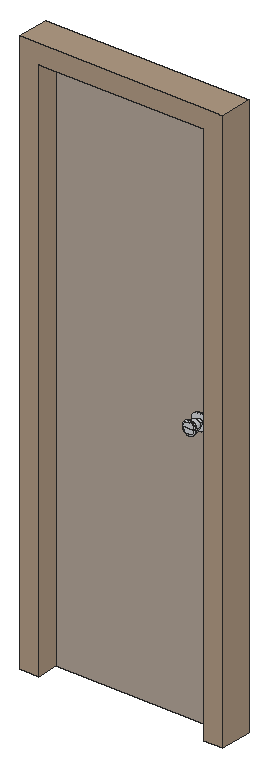
Revit family "D9_木門1", category 門, Revit 2014
Parameters (values of type "75 x 210 cm 2")
  熱阻 (R) = 0.270117 (m²·K)/W
  Visual Light Transmittance = 0
  Solar Heat Gain Coefficient = 0
  營造類型 Id = "MDOOR"
  關鍵註記 = "單開門-矩形"
  傳熱係數 (U) = 3.7021 W/(m²·K)
  功能 = 室內
  門扇材料 = none
  門扇寬度 = Width - 2 * 開門側框寬度  # 650 mm
  門扇厚度 = 40 mm
  Assembly Code = ""
  Rough Height = Height  # 2100 mm
  Rough Width = Width  # 750 mm
  框架深度 = 120 mm
  框擋板寬度 = 門扇厚度 / 2  # 20 mm
  框總寬度 [instance] = 開門側框寬度 + 框擋板寬度  # 70 mm
  Height = 2100 mm
  牆封閉 = 依主體
  框架材料 = none
  開門側框寬度 = 50 mm
  握把五金 = none
  Width = 750 mm
  操作 = "左單開門方向"
  解析營造 = "金屬"
Reference planes
  plane 1: y = -210
  plane 2 "中心 (左/右)": x = 0
  plane 3 "左": x = -375
  plane 4 "右": x = 375
  plane 5: z = 2100
  plane 6 "外部": y = -135
  plane 7 "內部": y = -285
  plane 8: y = 320
  plane 9: y = -740
  plane 10: z = 1050
Forms (mm)
  Sweep 1, solid, material "橡木、紅色"
    path origin (-5000, -210, 0) x (-1, 0, 0) y (0, 0, 1)
      loop
        line (-5375, 0) -> (-5375, 2100) -> (-4625, 2100) -> (-4625, 0)
    profile origin (375, -210, 1050) x (1, 0, 0) y (0, 1, 0)
      loop
        line (0, 60) -> (-50, 60) -> (-50, 20) -> (-70, 20) -> (-70, -60) -> (0, -60) -> (0, 60)
  Extrusion 2, solid, material "橡木、白色"
    sketch origin (-5000, -210, 0) x (1, 0, 0) y (0, 0, 1)
      loop
        line (4675, 2050) -> (4675, 0) -> (5325, 0) -> (5325, 2050) -> (4675, 2050)
    from -60 to -20
Lines and regions (mm)
  Opening 1
    outline origin (-3050, -285, 0) x (1, 0, 0) y (0, 0, 1)
      loop
        line (2675, 0) -> (3425, 0) -> (3425, 2100) -> (2675, 2100) -> (2675, 0)
  symbolic lines, style "Doors"
    curve 1: line (-325, -150, 0) -> (-285, -150, 0)
    curve 2: line (-325, 500, 0) -> (-325, -150, 0)
    curve 3: line (-285, 500, 0) -> (-325, 500, 0)
    curve 4: line (-285, -150, 0) -> (-285, 500, 0)
  symbolic lines, style "平面圖打開方向"
    curve 5: arc (325, -150, 0) -> (148.55, 295.253, 0) -> (-285, 498.768, 0) r 650
  symbolic lines, style "DoorsFrameMullionProjection"
    curve 6: line (-325, -150, 0) -> (-375, -150, 0)
    curve 7: line (-325, -270, 0) -> (-325, -150, 0)
    curve 8: line (-375, -270, 0) -> (-325, -270, 0)
    curve 9: line (-375, -150, 0) -> (-375, -270, 0)
    curve 10: line (325, -150, 0) -> (375, -150, 0)
    curve 11: line (325, -270, 0) -> (325, -150, 0)
    curve 12: line (375, -270, 0) -> (325, -270, 0)
    curve 13: line (375, -150, 0) -> (375, -270, 0)
  symbolic lines, style "立面圖打開方向"
    curve 14: line (-375, -285, 1050) -> (375, -285, 0)
    curve 15: line (-375, -135, 1050) -> (375, -135, 2100)
  model lines
    curve 16: line (205, -150, 450) -> (-205, -150, 450)
    curve 17: line (205, -150, 200) -> (205, -150, 450)
    curve 18: line (-205, -150, 200) -> (205, -150, 200)
    curve 19: line (-205, -150, 450) -> (-205, -150, 200)
    curve 20: line (205, -150, 410) -> (-205, -150, 410)
    curve 21: line (205, -150, 370) -> (-205, -150, 370)
    curve 22: line (205, -150, 330) -> (-205, -150, 330)
    curve 23: line (205, -150, 290) -> (-205, -150, 290)
    curve 24: line (205, -150, 250) -> (-205, -150, 250)
    curve 25: line (205, -190, 450) -> (-205, -190, 450)
    curve 26: line (205, -190, 200) -> (205, -190, 450)
    curve 27: line (-205, -190, 200) -> (205, -190, 200)
    curve 28: line (-205, -190, 450) -> (-205, -190, 200)
    curve 29: line (205, -190, 410) -> (-205, -190, 410)
    curve 30: line (205, -190, 370) -> (-205, -190, 370)
    curve 31: line (205, -190, 330) -> (-205, -190, 330)
    curve 32: line (205, -190, 290) -> (-205, -190, 290)
    curve 33: line (205, -190, 250) -> (-205, -190, 250)
Text (mm)
  text "外部" at (-2295.016, 1099.543, 0), in view "參考樓層"
  text "外部" at (0, 1615.38, 3698.081), in view "左"
  text "外部" at (0, 1036.032, 3874.932), in view "右"
Dimensions and locks
  equal spacing: plane 3 "左", plane 2 "中心 (左/右)", plane 4 "右"
  "Width": plane 3 "左" to plane 4 "右"
  "Height": plane 5 to host wall
  host wall to plane 5 = 2100 mm  (x2)
  locked: plane 6 "外部" to host wall at 0
  locked: plane 7 "內部" to host wall
  equal spacing: Sweep 1 sketch curve, host wall, Sweep 1 sketch curve
  "框架深度": Sweep 1 sketch curve to Sweep 1 sketch curve
  "門扇厚度": Sweep 1 sketch curve to Sweep 1 sketch curve
  "開門側框寬度": Sweep 1 sketch curve to Sweep 1 sketch curve
  "框擋板寬度": Sweep 1 sketch curve to Sweep 1 sketch curve
  "Width": Sweep 1 sketch curve to Sweep 1 sketch curve
  "門扇厚度": curve 2 to curve 4
  "門扇寬度": curve 3 to curve 1
  "開門側框寬度": curve 11 to Sweep 1
  "開門側框寬度": curve 9 to curve 7
  equal spacing: Sweep 1, host wall, Sweep 1  (x2)
  "框架深度": Sweep 1 to Sweep 1  (x2)
  equal spacing: curve 6, plane 1, curve 8
  "框架深度": curve 6 to curve 8
  equal spacing: curve 12, plane 1, curve 10
  "框架深度": curve 12 to curve 10
  locked: nested 2 to Sweep 1 at 75
  locked: nested 1 to Sweep 1 at 75
  equal spacing: plane 8, plane 1, plane 9
  plane 8 to plane 9 = 1060 mm
  "門扇厚度": Extrusion 2 to Extrusion 2
  equal spacing: plane 5, plane 10, level
  "門扇寬度": radius of curve 5
  aligned and locked: plane 3 "左" to Opening 1 sketch curve
  aligned and locked: plane 5 to Opening 1 sketch curve  (x2)
  aligned and locked: Opening 1 sketch curve to plane 4 "右"
  aligned and locked: Opening 1 sketch curve to level
  aligned and locked: plane 1 to host wall
  aligned and locked: Sweep 1 to Extrusion 2 sketch curve
  aligned and locked: Extrusion 2 sketch curve to Sweep 1  (x2)
  aligned and locked: level to Extrusion 2 sketch curve
  aligned and locked: Extrusion 2 to Sweep 1
  aligned and locked: nested 1 to Extrusion 2
  aligned and locked: Extrusion 2 to nested 2
  aligned and locked: plane 4 "右" to curve 15
  aligned and locked: plane 5 to curve 15
  aligned and locked: level to curve 14
  aligned and locked: plane 4 "右" to curve 14
  aligned and locked: plane 10 to curve 15
  aligned and locked: plane 3 "左" to curve 15
  aligned and locked: curve 14 to curve 15
Automatic sketch dimensions
  curve 14 to plane 10 = 0 mm
  plane 4 "右" to Sweep 1 sketch curve = 0 mm
  Sweep 1 sketch curve to plane 5 = 0 mm
  Sweep 1 sketch curve to level = 0 mm  (x2)
  Sweep 1 sketch curve to profile plane = 0 mm
  curve 9 to plane 3 "左" = 0 mm
  curve 13 to plane 4 "右" = 0 mm
  Extrusion 2 to curve 16 = 120 mm
  Extrusion 2 to curve 18 = 200 mm
  Extrusion 2 to curve 18 = 120 mm
  curve 17 to curve 17 = 250 mm
  curve 17 to curve 24 = 50 mm
  curve 24 to curve 23 = 40 mm
  curve 23 to curve 22 = 40 mm
  curve 22 to curve 21 = 40 mm
  curve 20 to curve 16 = 40 mm
  curve 25 to plane 3 "左" = 170 mm
  level to curve 25 = 450 mm
  plane 4 "右" to curve 27 = 170 mm
  level to curve 27 = 200 mm
  curve 25 to curve 29 = 40 mm
  curve 29 to curve 30 = 40 mm
  curve 30 to curve 31 = 40 mm
  curve 31 to curve 32 = 40 mm
  curve 32 to curve 33 = 40 mm
Nested families
  nested 1: "喇叭鎖" at (305, -190, 0) x (-1, 0, 0) z (0, 0, 1), type "喇叭鎖"
  nested 2: "喇叭鎖" at (305, -150, 0) x (-1, 0, 0) z (0, 0, 1), type "喇叭鎖"
  nested 3: "喇叭鎖" at (365, 60, 1000), type "喇叭鎖", not visible
  nested 4: "喇叭鎖" at (365, 20, 1000), type "喇叭鎖", not visible
Definition of nested family "喇叭鎖"
  Parameters (values of type "喇叭鎖")
    Assembly Code = ""
    握把高度 = 1000 mm
    握把與版面側邊距離 = 75 mm
    握把五金 = none
  Reference planes
    plane 1 "中心 (前/後)": y = 0
    plane 2: z = 0
    plane 3 "中心 (左/右)": x = 0
    plane 4: x = 75
  Forms (mm)
    Revolve 1, solid, material <- "握把五金"
      sketch origin (511.236, -60, 1000) x (1, 0, 0) y (0, 1, 0)
        loop
          line (-436.236, 60) -> (-406.236, 60) -> (-406.236, 66) -> (-426.236, 66) -> (-426.236, 85) -> (-417.636, 85) -> (-411.236, 109.7) -> (-411.236, 113.2) -> (-415.736, 115) -> (-436.236, 115) -> (-436.236, 60)
        axis (-436.236, 60) -> (-436.236, 115)
      angle from 0 to 360
  Dimensions and locks
    "握把與版面側邊距離": plane 3 "中心 (左/右)" to plane 4
    "握把高度": Revolve 1 to level
  Automatic sketch dimensions
    plane 3 "中心 (左/右)" to Revolve 1 sketch curve = 75 mm  (x2)
    Revolve 1 sketch curve to plane 1 "中心 (前/後)" = 0 mm
    plane 3 "中心 (左/右)" to Revolve 1 sketch curve = 85 mm
    Revolve 1 sketch curve to Revolve 1 sketch curve = 8.6 mm
    plane 3 "中心 (左/右)" to Revolve 1 sketch curve = 95.5 mm
    Revolve 1 sketch curve to Revolve 1 sketch curve = 4.5 mm
    Revolve 1 sketch curve to Revolve 1 sketch curve = 20 mm
    plane 1 "中心 (前/後)" to Revolve 1 sketch curve = 60 mm
    Revolve 1 sketch curve to Revolve 1 sketch curve = 6 mm
    Revolve 1 sketch curve to Revolve 1 sketch curve = 19 mm
    Revolve 1 sketch curve to Revolve 1 sketch curve = 24.7 mm
    Revolve 1 sketch curve to Revolve 1 sketch curve = 3.5 mm
    Revolve 1 sketch curve to Revolve 1 sketch curve = 1.8 mm
    Revolve 1 sketch curve to Revolve 1 sketch curve = 200 mm
